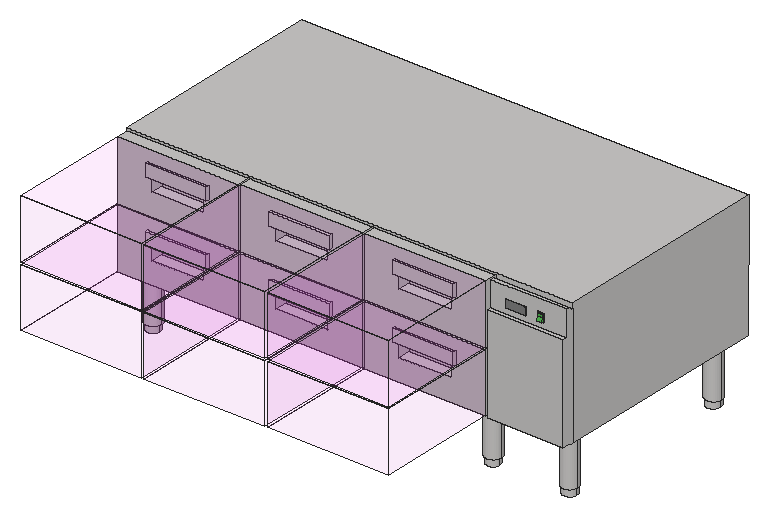
Revit family "QF_ZANUSSI_392600_Z9TTBECOMKN", category Specialty Equipment, Revit 2021 (continued)
Lines and regions (mm)
  Split face 139
    outline origin (882.897, -448, 142.29) x (0, 0, -1) y (1, 0, 0)
      loop
        arc (-85.025, -240.599) -> (-81.004, -236.61) -> (-85.004, -232.599) r 4
        line (-85.004, -232.599) -> (-117.004, -232.599)
        arc (-117.004, -232.599) -> (-121.004, -236.61) -> (-116.984, -240.599) r 4
        line (-116.984, -240.599) -> (-85.025, -240.599)
  Split face 140
    outline origin (894.896, -448, 142.29) x (0, 0, -1) y (1, 0, 0)
      loop
        arc (-85.025, -240.599) -> (-81.004, -236.61) -> (-85.004, -232.599) r 4
        line (-85.004, -232.599) -> (-117.004, -232.599)
        arc (-117.004, -232.599) -> (-121.004, -236.61) -> (-116.984, -240.599) r 4
        line (-116.984, -240.599) -> (-85.025, -240.599)
  Split face 141
    outline origin (906.896, -448, 142.29) x (0, 0, -1) y (1, 0, 0)
      loop
        arc (-85.025, -242.399) -> (-81.004, -238.41) -> (-85.004, -234.4) r 4
        line (-85.004, -234.4) -> (-117.004, -234.4)
        arc (-117.004, -234.4) -> (-121.004, -238.41) -> (-116.984, -242.399) r 4
        line (-116.984, -242.399) -> (-85.025, -242.399)
  Split face 142
    outline origin (918.896, -448, 142.29) x (0, 0, -1) y (1, 0, 0)
      loop
        arc (-85.025, -242.399) -> (-81.004, -238.41) -> (-85.004, -234.4) r 4
        line (-85.004, -234.4) -> (-117.004, -234.4)
        arc (-117.004, -234.4) -> (-121.004, -238.41) -> (-116.984, -242.399) r 4
        line (-116.984, -242.399) -> (-85.025, -242.399)
  Split face 143
    outline origin (930.896, -448, 142.29) x (0, 0, -1) y (1, 0, 0)
      loop
        arc (-85.025, -242.399) -> (-81.004, -238.41) -> (-85.004, -234.4) r 4
        line (-85.004, -234.4) -> (-117.004, -234.4)
        arc (-117.004, -234.4) -> (-121.004, -238.41) -> (-116.984, -242.399) r 4
        line (-116.984, -242.399) -> (-85.025, -242.399)
  Split face 144
    outline origin (942.896, -448, 142.29) x (0, 0, -1) y (1, 0, 0)
      loop
        arc (-85.025, -242.399) -> (-81.004, -238.41) -> (-85.004, -234.4) r 4
        line (-85.004, -234.4) -> (-117.004, -234.4)
        arc (-117.004, -234.4) -> (-121.004, -238.41) -> (-116.984, -242.399) r 4
        line (-116.984, -242.399) -> (-85.025, -242.399)
  Split face 145
    outline origin (954.896, -448, 142.29) x (0, 0, -1) y (1, 0, 0)
      loop
        arc (-85.025, -242.399) -> (-81.004, -238.41) -> (-85.004, -234.4) r 4
        line (-85.004, -234.4) -> (-117.004, -234.4)
        arc (-117.004, -234.4) -> (-121.004, -238.41) -> (-116.984, -242.399) r 4
        line (-116.984, -242.399) -> (-85.025, -242.399)
  Split face 146
    outline origin (966.896, -448, 142.29) x (0, 0, -1) y (1, 0, 0)
      loop
        arc (-85.025, -242.399) -> (-81.004, -238.41) -> (-85.004, -234.4) r 4
        line (-85.004, -234.4) -> (-117.004, -234.4)
        arc (-117.004, -234.4) -> (-121.004, -238.41) -> (-116.984, -242.399) r 4
        line (-116.984, -242.399) -> (-85.025, -242.399)
  Split face 147
    outline origin (978.896, -448, 142.29) x (0, 0, -1) y (1, 0, 0)
      loop
        arc (-85.025, -242.399) -> (-81.004, -238.41) -> (-85.004, -234.4) r 4
        line (-85.004, -234.4) -> (-117.004, -234.4)
        arc (-117.004, -234.4) -> (-121.004, -238.41) -> (-116.984, -242.399) r 4
        line (-116.984, -242.399) -> (-85.025, -242.399)
  Split face 148
    outline origin (990.896, -448, 142.29) x (0, 0, -1) y (1, 0, 0)
      loop
        arc (-85.025, -242.399) -> (-81.004, -238.41) -> (-85.004, -234.4) r 4
        line (-85.004, -234.4) -> (-117.004, -234.4)
        arc (-117.004, -234.4) -> (-121.004, -238.41) -> (-116.984, -242.399) r 4
        line (-116.984, -242.399) -> (-85.025, -242.399)
  Split face 149
    outline origin (1002.896, -448, 142.29) x (0, 0, -1) y (1, 0, 0)
      loop
        arc (-85.025, -242.399) -> (-81.004, -238.41) -> (-85.004, -234.4) r 4
        line (-85.004, -234.4) -> (-117.004, -234.4)
        arc (-117.004, -234.4) -> (-121.004, -238.41) -> (-116.984, -242.399) r 4
        line (-116.984, -242.399) -> (-85.025, -242.399)
  Split face 150
    outline origin (1014.896, -448, 142.29) x (0, 0, -1) y (1, 0, 0)
      loop
        arc (-85.025, -242.399) -> (-81.004, -238.41) -> (-85.004, -234.4) r 4
        line (-85.004, -234.4) -> (-117.004, -234.4)
        arc (-117.004, -234.4) -> (-121.004, -238.41) -> (-116.984, -242.399) r 4
        line (-116.984, -242.399) -> (-85.025, -242.399)
  Split face 151
    outline origin (787, -448, 142.29) x (0, 0, -1) y (1, 0, 0)
      loop
        arc (-85.025, -240.599) -> (-81.004, -236.61) -> (-85.004, -232.599) r 4
        line (-85.004, -232.599) -> (-117.004, -232.599)
        arc (-117.004, -232.599) -> (-121.004, -236.61) -> (-116.984, -240.599) r 4
        line (-116.984, -240.599) -> (-85.025, -240.599)
  symbolic lines, style "SpecialityEquipmentHiddenLines"
    curve 1: line (-799, 380, 0) -> (799, 380, 0)
    curve 2: line (-799, -448, 0) -> (-799, 380, 0)
    curve 3: line (799, -448, 0) -> (-799, -448, 0)
    curve 4: line (799, 380, 0) -> (799, -448, 0)
    curve 17: line (-799, -403, 0) -> (799, -403, 0)
  symbolic lines, style "QF_Door-Drawer Clearances"
    curve 5: line (-775, -448, 0) -> (-775, -573, 0)
    curve 6: line (-380.999, -573, 0) -> (-380.999, -448, 0)
    curve 7: line (-332.969, -448, 0) -> (-332.969, -573, 0)
    curve 8: line (61.031, -573, 0) -> (61.031, -448, 0)
    curve 9: line (-795, -573, 0) -> (-360.999, -573, 0)
    curve 10: line (-352.969, -573, 0) -> (81.031, -573, 0)
    curve 11: line (-795, -613, 0) -> (-360.999, -613, 0)
    curve 12: line (-352.969, -613, 0) -> (81.031, -613, 0)
    curve 13: line (-360.999, -613, 0) -> (-360.999, -573, 0)
    curve 14: line (-352.969, -573, 0) -> (-352.969, -613, 0)
    curve 15: line (-795, -573, 0) -> (-795, -613, 0)
    curve 16: line (81.031, -613, 0) -> (81.031, -573, 0)
    curve 18: line (108.961, -448, 0) -> (108.961, -573, 0)
    curve 19: line (502.961, -573, 0) -> (502.961, -448, 0)
    curve 20: line (88.961, -573, 0) -> (522.961, -573, 0)
    curve 21: line (88.961, -613, 0) -> (522.961, -613, 0)
    curve 22: line (88.961, -573, 0) -> (88.961, -613, 0)
    curve 23: line (522.961, -613, 0) -> (522.961, -573, 0)
    curve 24: line (-775, -613, 0) -> (-775, -738, 0)
    curve 25: line (-380.999, -738, 0) -> (-380.999, -613, 0)
    curve 26: line (-332.969, -613, 0) -> (-332.969, -738, 0)
    curve 27: line (61.031, -738, 0) -> (61.031, -613, 0)
    curve 28: line (-795, -738, 0) -> (-360.999, -738, 0)
    curve 29: line (-352.969, -738, 0) -> (81.031, -738, 0)
    curve 30: line (-795, -778, 0) -> (-360.999, -778, 0)
    curve 31: line (-352.969, -778, 0) -> (81.031, -778, 0)
    curve 32: line (-360.999, -778, 0) -> (-360.999, -738, 0)
    curve 33: line (-352.969, -738, 0) -> (-352.969, -778, 0)
    curve 34: line (-795, -738, 0) -> (-795, -778, 0)
    curve 35: line (81.031, -778, 0) -> (81.031, -738, 0)
    curve 36: line (108.961, -613, 0) -> (108.961, -738, 0)
    curve 37: line (502.961, -738, 0) -> (502.961, -613, 0)
    curve 38: line (88.961, -738, 0) -> (522.961, -738, 0)
    curve 39: line (88.961, -778, 0) -> (522.961, -778, 0)
    curve 40: line (88.961, -738, 0) -> (88.961, -778, 0)
    curve 41: line (522.961, -778, 0) -> (522.961, -738, 0)
Dimensions and locks
  plane 4 to level = 200 mm
  plane 5 "TOP" to level = 650 mm
  plane 5 "TOP" to plane 4 = 450 mm
  equal spacing: plane 8 "LEFT", plane 3 "Centro (Sinistra/Destra)", plane 9 "RIGHT"
  plane 8 "LEFT" to plane 9 "RIGHT" = 1600 mm
  equal spacing: plane 6 "BACK", plane 1 "Center X", plane 7 "FRONT"
  plane 6 "BACK" to plane 7 "FRONT" = 900 mm
  plane 6 "BACK" to plane 10 = 853 mm
  locked: plane 10 to plane 11 at 45
  locked: plane 8 "LEFT" to plane 12 at 55
  locked: plane 13 to plane 9 "RIGHT" at 55
  plane 12 to plane 14 = 1216 mm
  locked: plane 22 to plane 15 at 88
  locked: plane 16 to plane 11 at 98
  locked: plane 19 to plane 9 "RIGHT" at 1
  locked: plane 8 "LEFT" to plane 18 at 1
  plane 19 to plane 17 = 513 mm
  locked: plane 6 "BACK" to plane 20 at 160
  locked: plane 21 to plane 9 "RIGHT" at 40
  locked: plane 6 "BACK" to plane 22 at 70
  locked: plane 11 to plane 7 "FRONT" at 2
  plane 15 to plane 22 = 88 mm
  plane 11 to plane 16 = 98 mm
  plane 12 to plane 8 "LEFT" = 55 mm
  plane 14 to plane 12 = 1216 mm
  aligned and locked: level to plane 2
  aligned and locked: plane 12 to nested 1
  aligned and locked: nested 1 to plane 16
  aligned and locked: nested 2 to plane 15
  aligned and locked: plane 14 to nested 3
  aligned and locked: nested 4 to plane 14
  aligned and locked: plane 13 to nested 5
  aligned and locked: nested 6 to plane 13
  aligned and locked: Extrusion 1 sketch curve to plane 10
  aligned and locked: plane 4 to Extrusion 2
  aligned and locked: Extrusion 1 to plane 22
  aligned and locked: plane 15 to nested 6
  aligned and locked: plane 15 to nested 4
  aligned and locked: plane 16 to nested 5
  aligned and locked: plane 16 to nested 3
  aligned and locked: nested 2 to plane 12
Automatic sketch dimensions
  Extrusion 2 sketch curve to plane 20 = 30 mm
  Extrusion 2 sketch curve to plane 21 = 0 mm
  Extrusion 7 sketch curve to plane 3 "Centro (Sinistra/Destra)" = 360.999 mm
  Extrusion 7 sketch curve to Extrusion 7 sketch curve = 123.7 mm
  plane 12 to Extrusion 7 sketch curve = 73.7 mm
  plane 18 to Extrusion 7 sketch curve = 4 mm
  Extrusion 7 sketch curve to plane 5 "TOP" = 222.5 mm
  Extrusion 7 sketch curve to plane 5 "TOP" = 143.294 mm
  Extrusion 7 sketch curve to plane 5 "TOP" = 65 mm
  Extrusion 7 sketch curve to plane 5 "TOP" = 9.006 mm
  Extrusion 7 to Extrusion 8 sketch curve = 0 mm
  Extrusion 8 sketch curve to Extrusion 7 = 0 mm  (x3)
  Extrusion 9 sketch curve to Extrusion 7 = 15 mm  (x2)
  Extrusion 7 to Extrusion 9 sketch curve = 31.031 mm
  Extrusion 9 sketch curve to Extrusion 7 = 13.969 mm
  plane 3 "Centro (Sinistra/Destra)" to Extrusion 10 sketch curve = 81.031 mm
  Extrusion 10 sketch curve to plane 3 "Centro (Sinistra/Destra)" = 42.668 mm
  Extrusion 10 sketch curve to Extrusion 10 sketch curve = 186.601 mm
  Extrusion 10 sketch curve to Extrusion 10 sketch curve = 123.7 mm
  Extrusion 10 sketch curve to plane 5 "TOP" = 222.5 mm
  Extrusion 10 sketch curve to plane 5 "TOP" = 143.294 mm
  Extrusion 10 sketch curve to plane 5 "TOP" = 65 mm
  Extrusion 10 sketch curve to plane 5 "TOP" = 9.006 mm
  Extrusion 10 to Extrusion 11 sketch curve = 0 mm
  Extrusion 11 sketch curve to Extrusion 10 = 0 mm  (x3)
  Extrusion 12 sketch curve to Extrusion 10 = 15 mm  (x2)
  Extrusion 10 to Extrusion 12 sketch curve = 31.031 mm
  Extrusion 12 sketch curve to Extrusion 10 = 13.969 mm
  Extrusion 13 sketch curve to plane 5 "TOP" = 9.006 mm
  plane 14 to Extrusion 13 sketch curve = 52 mm
  Extrusion 13 sketch curve to plane 14 = 71.738 mm
  Extrusion 13 sketch curve to plane 17 = 73.339 mm
  plane 3 "Centro (Sinistra/Destra)" to Extrusion 13 sketch curve = 88.961 mm
  Extrusion 13 sketch curve to plane 5 "TOP" = 65 mm
  Extrusion 13 sketch curve to Extrusion 13 sketch curve = 78.294 mm
  Extrusion 13 sketch curve to Extrusion 13 sketch curve = 79.206 mm
  Extrusion 14 sketch curve to Extrusion 13 = 0 mm  (x4)
  Extrusion 15 sketch curve to Extrusion 13 = 15 mm  (x2)
  Extrusion 13 to Extrusion 15 sketch curve = 31.031 mm
  Extrusion 15 sketch curve to Extrusion 13 = 13.969 mm
  curve 17 to plane 10 = 0 mm
  curve 17 to plane 18 = 0 mm
  curve 5 to plane 11 = 0 mm
  curve 4 to plane 19 = 0 mm
  curve 2 to plane 22 = 0 mm
  plane 18 to curve 30 = 4 mm
  plane 18 to curve 15 = 4 mm
  curve 30 to plane 3 "Centro (Sinistra/Destra)" = 360.999 mm
  curve 13 to curve 28 = 0 mm
  curve 30 to curve 31 = 8.03 mm
  curve 9 to curve 14 = 8.03 mm
  plane 3 "Centro (Sinistra/Destra)" to curve 10 = 81.031 mm
  plane 3 "Centro (Sinistra/Destra)" to curve 35 = 81.031 mm
  curve 10 to curve 22 = 7.93 mm
  curve 29 to curve 40 = 7.93 mm
  plane 14 to curve 20 = 51.961 mm
  plane 14 to curve 41 = 51.961 mm
  curve 9 to plane 7 "FRONT" = 123 mm
  curve 9 to curve 10 = 0 mm
  curve 10 to curve 20 = 0 mm
  curve 13 to curve 9 = 40 mm
  curve 23 to curve 20 = 40 mm
  curve 11 to curve 12 = 0 mm
  curve 41 to curve 21 = 125 mm
  curve 29 to curve 38 = 0 mm
  curve 28 to curve 29 = 0 mm
  curve 30 to curve 28 = 40 mm
  curve 35 to curve 29 = 40 mm
  curve 31 to curve 39 = 0 mm
  curve 9 to curve 5 = 20 mm
  curve 28 to curve 24 = 20 mm
  curve 6 to curve 9 = 20 mm
  curve 25 to curve 11 = 20 mm
  curve 29 to curve 26 = 20 mm
  curve 6 to curve 7 = 48.03 mm
  plane 3 "Centro (Sinistra/Destra)" to curve 8 = 61.031 mm
  curve 27 to curve 12 = 20 mm
  curve 20 to curve 18 = 20 mm
  curve 40 to curve 36 = 20 mm
  curve 19 to curve 20 = 20 mm
  curve 37 to curve 38 = 20 mm
  Extrusion 1 sketch curve to plane 19 = 0 mm
  Extrusion 1 sketch curve to plane 18 = 0 mm
  plane 22 to Extrusion 1 sketch curve = 0 mm
  Extrusion 3 sketch curve to plane 11 = 0 mm
  Extrusion 3 sketch curve to plane 4 = 0 mm
  Extrusion 3 sketch curve to plane 10 = 0 mm
  plane 11 to Extrusion 3 sketch curve = 16.901 mm
  Extrusion 3 sketch curve to Extrusion 3 sketch curve = 11.336 mm
  plane 4 to Extrusion 3 sketch curve = 4.796 mm
  Extrusion 3 sketch curve to plane 10 = 15.163 mm
  Extrusion 3 sketch curve to plane 10 = 5.442 mm
  Extrusion 3 sketch curve to plane 5 "TOP" = 100.204 mm
  Extrusion 3 sketch curve to plane 5 "TOP" = 20.473 mm
  Extrusion 3 sketch curve to plane 5 "TOP" = 9.006 mm
  Extrusion 3 to Extrusion 4 sketch curve = 42.198 mm
  Extrusion 4 sketch curve to Extrusion 3 = 20 mm
  Extrusion 3 to Extrusion 4 sketch curve = 102.899 mm
  Extrusion 4 sketch curve to Extrusion 4 sketch curve = 22 mm
  Extrusion 3 to Extrusion 5 sketch curve = 42.198 mm
  Extrusion 5 sketch curve to Extrusion 3 = 20 mm
  Extrusion 3 to Extrusion 5 sketch curve = 54.901 mm
  Extrusion 5 sketch curve to Extrusion 5 sketch curve = 70 mm
  Split face 1 sketch curve to Extrusion 5 = 5 mm
  Split face 1 sketch curve to Extrusion 5 = 9 mm
  Split face 1 sketch curve to Extrusion 5 = 10 mm  (x2)
  Split face 2 sketch curve to Extrusion 5 = 12.5 mm
  Split face 2 sketch curve to Extrusion 5 = 7 mm
  Split face 3 sketch curve to Extrusion 5 = 7.5 mm
  Split face 3 sketch curve to Extrusion 5 = 7 mm
  Split face 4 sketch curve to Extrusion 5 = 11.5 mm
  Split face 4 sketch curve to Extrusion 5 = 7 mm
  Split face 5 sketch curve to Extrusion 5 = 7.5 mm
  Split face 5 sketch curve to Extrusion 5 = 7 mm
  Split face 6 sketch curve to Extrusion 5 = 12.5 mm
  Split face 6 sketch curve to Extrusion 5 = 7 mm
  Split face 7 sketch curve to Extrusion 5 = 11.5 mm
  Split face 7 sketch curve to Extrusion 5 = 7 mm
  Split face 8 sketch curve to Extrusion 5 = 7.047 mm
  Split face 8 sketch curve to Extrusion 5 = 2.047 mm
  Split face 8 sketch curve to Extrusion 5 = 10 mm
  Split face 8 sketch curve to Split face 8 sketch curve = 11 mm
  Split face 9 sketch curve to Extrusion 5 = 7.047 mm
  Split face 9 sketch curve to Extrusion 5 = 2.047 mm
  Split face 9 sketch curve to Extrusion 5 = 23 mm
  Split face 9 sketch curve to Split face 9 sketch curve = 11 mm
  Split face 10 sketch curve to Extrusion 5 = 7.047 mm
  Split face 10 sketch curve to Extrusion 5 = 2.047 mm
  Split face 10 sketch curve to Extrusion 5 = 34 mm
  Split face 10 sketch curve to Split face 10 sketch curve = 11 mm
  Split face 11 sketch curve to Extrusion 5 = 7.047 mm
  Split face 11 sketch curve to Extrusion 5 = 2.047 mm
  Split face 11 sketch curve to Extrusion 5 = 21 mm
  Split face 11 sketch curve to Extrusion 5 = 10 mm
  Extrusion 6 sketch curve to Extrusion 6 sketch curve = 0 mm  (x3)
  Extrusion 6 sketch curve to Extrusion 4 = 0 mm
  Extrusion 4 to Extrusion 6 sketch curve = 2.279 mm
  Extrusion 6 sketch curve to Extrusion 6 sketch curve = 0.116 mm
  Extrusion 6 sketch curve to Extrusion 6 sketch curve = 12.105 mm
  Extrusion 4 to Extrusion 6 sketch curve = 3.692 mm
  Extrusion 4 to Extrusion 6 sketch curve = 2.395 mm
  Split face 12 sketch curve to Extrusion 3 = 20.5 mm
  Split face 12 sketch curve to Split face 12 sketch curve = 0.02 mm  (x2)
  Split face 12 sketch curve to Split face 12 sketch curve = 31.959 mm
  Split face 12 sketch curve to Extrusion 3 = 30.401 mm
  Split face 12 sketch curve to Split face 12 sketch curve = 4 mm
  Split face 13 sketch curve to Extrusion 3 = 20.5 mm
  Split face 13 sketch curve to Split face 13 sketch curve = 0.02 mm  (x2)
  Split face 13 sketch curve to Split face 13 sketch curve = 31.959 mm
  Split face 13 sketch curve to Extrusion 3 = 42.4 mm
  Split face 13 sketch curve to Split face 13 sketch curve = 4 mm
  Split face 14 sketch curve to Extrusion 3 = 20.5 mm
  Split face 14 sketch curve to Split face 14 sketch curve = 0.02 mm  (x2)
  Split face 14 sketch curve to Split face 14 sketch curve = 31.959 mm
  Split face 14 sketch curve to Extrusion 3 = 54.4 mm
  Split face 14 sketch curve to Split face 14 sketch curve = 4 mm
  Split face 15 sketch curve to Extrusion 3 = 20.5 mm
  Split face 15 sketch curve to Split face 15 sketch curve = 0.02 mm  (x2)
  Split face 15 sketch curve to Split face 15 sketch curve = 31.959 mm
  Split face 15 sketch curve to Extrusion 3 = 66.297 mm
  Split face 15 sketch curve to Split face 15 sketch curve = 4 mm
  Split face 16 sketch curve to Extrusion 3 = 20.5 mm
  Split face 16 sketch curve to Split face 16 sketch curve = 0.02 mm  (x2)
  Split face 16 sketch curve to Split face 16 sketch curve = 31.959 mm
  Split face 16 sketch curve to Extrusion 3 = 78.297 mm
  Split face 16 sketch curve to Split face 16 sketch curve = 4 mm
  Split face 17 sketch curve to Extrusion 3 = 20.5 mm
  Split face 17 sketch curve to Split face 17 sketch curve = 0.02 mm  (x2)
  Split face 17 sketch curve to Split face 17 sketch curve = 31.959 mm
  Split face 17 sketch curve to Extrusion 3 = 90.297 mm
  Split face 17 sketch curve to Split face 17 sketch curve = 4 mm
  Split face 18 sketch curve to Extrusion 3 = 20.5 mm
  Split face 18 sketch curve to Split face 18 sketch curve = 0.02 mm  (x2)
  Split face 18 sketch curve to Split face 18 sketch curve = 31.959 mm
  Split face 18 sketch curve to Extrusion 3 = 102.297 mm
  Split face 18 sketch curve to Split face 18 sketch curve = 4 mm
  Split face 19 sketch curve to Extrusion 3 = 20.5 mm
  Split face 19 sketch curve to Split face 19 sketch curve = 0.02 mm  (x2)
  Split face 19 sketch curve to Split face 19 sketch curve = 31.959 mm
  Split face 19 sketch curve to Extrusion 3 = 114.297 mm
  Split face 19 sketch curve to Split face 19 sketch curve = 4 mm
  Split face 20 sketch curve to Extrusion 3 = 20.5 mm
  Split face 20 sketch curve to Split face 20 sketch curve = 0.02 mm  (x2)
  Split face 20 sketch curve to Split face 20 sketch curve = 31.959 mm
  Split face 20 sketch curve to Extrusion 3 = 126.297 mm
  Split face 20 sketch curve to Split face 20 sketch curve = 4 mm
  Split face 21 sketch curve to Extrusion 3 = 20.5 mm
  Split face 21 sketch curve to Split face 21 sketch curve = 0.02 mm  (x2)
  Split face 21 sketch curve to Split face 21 sketch curve = 31.959 mm
  Split face 21 sketch curve to Extrusion 3 = 134.503 mm
  Split face 21 sketch curve to Split face 21 sketch curve = 4 mm
  Split face 22 sketch curve to Extrusion 3 = 20.5 mm
  Split face 22 sketch curve to Split face 22 sketch curve = 0.02 mm  (x2)
  Split face 22 sketch curve to Split face 22 sketch curve = 31.959 mm
  Split face 22 sketch curve to Extrusion 3 = 122.504 mm
  Split face 22 sketch curve to Split face 22 sketch curve = 4 mm
  Split face 23 sketch curve to Extrusion 3 = 20.5 mm
  Split face 23 sketch curve to Split face 23 sketch curve = 0.02 mm  (x2)
  Split face 23 sketch curve to Split face 23 sketch curve = 31.959 mm
  Split face 23 sketch curve to Extrusion 3 = 110.503 mm
  Split face 23 sketch curve to Split face 23 sketch curve = 4 mm
  Split face 24 sketch curve to Extrusion 3 = 20.5 mm
  Split face 24 sketch curve to Split face 24 sketch curve = 0.02 mm  (x2)
  Split face 24 sketch curve to Split face 24 sketch curve = 31.959 mm
  Split face 24 sketch curve to Extrusion 3 = 98.503 mm
  Split face 24 sketch curve to Split face 24 sketch curve = 4 mm
  Split face 25 sketch curve to Extrusion 3 = 20.5 mm
  Split face 25 sketch curve to Split face 25 sketch curve = 0.02 mm  (x2)
  Split face 25 sketch curve to Split face 25 sketch curve = 31.959 mm
  Split face 25 sketch curve to Extrusion 3 = 86.503 mm
  Split face 25 sketch curve to Split face 25 sketch curve = 4 mm
  Split face 26 sketch curve to Extrusion 3 = 20.5 mm
  Split face 26 sketch curve to Split face 26 sketch curve = 0.02 mm  (x2)
  Split face 26 sketch curve to Split face 26 sketch curve = 31.959 mm
  Split face 26 sketch curve to Extrusion 3 = 74.504 mm
  Split face 26 sketch curve to Split face 26 sketch curve = 4 mm
  Split face 27 sketch curve to Extrusion 3 = 20.5 mm
  Split face 27 sketch curve to Split face 27 sketch curve = 0.02 mm  (x2)
  Split face 27 sketch curve to Split face 27 sketch curve = 31.959 mm
  Split face 27 sketch curve to Extrusion 3 = 62.503 mm
  Split face 27 sketch curve to Split face 27 sketch curve = 4 mm
  Split face 28 sketch curve to Extrusion 3 = 20.5 mm
  Split face 28 sketch curve to Split face 28 sketch curve = 0.02 mm  (x2)
  Split face 28 sketch curve to Split face 28 sketch curve = 31.959 mm
  Split face 28 sketch curve to Extrusion 3 = 50.504 mm
  Split face 28 sketch curve to Split face 28 sketch curve = 4 mm
  Split face 29 sketch curve to Extrusion 3 = 20.5 mm
  Split face 29 sketch curve to Split face 29 sketch curve = 0.02 mm  (x2)
  Split face 29 sketch curve to Split face 29 sketch curve = 31.959 mm
  Split face 29 sketch curve to Extrusion 3 = 38.504 mm
  Split face 29 sketch curve to Split face 29 sketch curve = 4 mm
  Split face 30 sketch curve to Extrusion 3 = 20.5 mm
  Split face 30 sketch curve to Split face 30 sketch curve = 0.02 mm  (x2)
  Split face 30 sketch curve to Split face 30 sketch curve = 31.959 mm
  Split face 30 sketch curve to Extrusion 3 = 26.504 mm
  Split face 30 sketch curve to Split face 30 sketch curve = 4 mm
  Split face 31 sketch curve to Extrusion 3 = 20.5 mm
  Split face 31 sketch curve to Split face 31 sketch curve = 0.02 mm  (x2)
  Split face 31 sketch curve to Split face 31 sketch curve = 31.959 mm
  Split face 31 sketch curve to Extrusion 3 = 18.401 mm
  Split face 31 sketch curve to Split face 31 sketch curve = 4 mm
  Split face 32 sketch curve to Extrusion 3 = 65.502 mm
  Split face 32 sketch curve to Split face 32 sketch curve = 0.02 mm  (x2)
  Split face 32 sketch curve to Split face 32 sketch curve = 31.959 mm
  Split face 32 sketch curve to Extrusion 3 = 30.401 mm
  Split face 32 sketch curve to Split face 32 sketch curve = 4 mm
  Split face 33 sketch curve to Extrusion 3 = 65.502 mm
  Split face 33 sketch curve to Split face 33 sketch curve = 0.02 mm  (x2)
  Split face 33 sketch curve to Split face 33 sketch curve = 31.959 mm
  Split face 33 sketch curve to Extrusion 3 = 42.4 mm
  Split face 33 sketch curve to Split face 33 sketch curve = 4 mm
  Split face 34 sketch curve to Extrusion 3 = 65.502 mm
  Split face 34 sketch curve to Split face 34 sketch curve = 0.02 mm  (x2)
  Split face 34 sketch curve to Split face 34 sketch curve = 31.959 mm
  Split face 34 sketch curve to Extrusion 3 = 54.4 mm
  Split face 34 sketch curve to Split face 34 sketch curve = 4 mm
  Split face 35 sketch curve to Extrusion 3 = 65.502 mm
  Split face 35 sketch curve to Split face 35 sketch curve = 0.02 mm  (x2)
  Split face 35 sketch curve to Split face 35 sketch curve = 31.959 mm
  Split face 35 sketch curve to Extrusion 3 = 66.297 mm
  Split face 35 sketch curve to Split face 35 sketch curve = 4 mm
  Split face 36 sketch curve to Extrusion 3 = 65.502 mm
  Split face 36 sketch curve to Split face 36 sketch curve = 0.02 mm  (x2)
  Split face 36 sketch curve to Split face 36 sketch curve = 31.959 mm
  Split face 36 sketch curve to Extrusion 3 = 78.297 mm
  Split face 36 sketch curve to Split face 36 sketch curve = 4 mm
  Split face 37 sketch curve to Extrusion 3 = 65.502 mm
  Split face 37 sketch curve to Split face 37 sketch curve = 0.02 mm  (x2)
  Split face 37 sketch curve to Split face 37 sketch curve = 31.959 mm
  Split face 37 sketch curve to Extrusion 3 = 90.297 mm
  Split face 37 sketch curve to Split face 37 sketch curve = 4 mm
  Split face 38 sketch curve to Extrusion 3 = 65.502 mm
  Split face 38 sketch curve to Split face 38 sketch curve = 0.02 mm  (x2)
  Split face 38 sketch curve to Split face 38 sketch curve = 31.959 mm
  Split face 38 sketch curve to Extrusion 3 = 102.297 mm
  Split face 38 sketch curve to Split face 38 sketch curve = 4 mm
  Split face 39 sketch curve to Extrusion 3 = 65.502 mm
  Split face 39 sketch curve to Split face 39 sketch curve = 0.02 mm  (x2)
  Split face 39 sketch curve to Split face 39 sketch curve = 31.959 mm
  Split face 39 sketch curve to Extrusion 3 = 114.297 mm
  Split face 39 sketch curve to Split face 39 sketch curve = 4 mm
  Split face 40 sketch curve to Extrusion 3 = 65.502 mm
  Split face 40 sketch curve to Split face 40 sketch curve = 0.02 mm  (x2)
  Split face 40 sketch curve to Split face 40 sketch curve = 31.959 mm
  Split face 40 sketch curve to Extrusion 3 = 126.297 mm
  Split face 40 sketch curve to Split face 40 sketch curve = 4 mm
  Split face 41 sketch curve to Extrusion 3 = 65.502 mm
  Split face 41 sketch curve to Split face 41 sketch curve = 0.02 mm  (x2)
  Split face 41 sketch curve to Split face 41 sketch curve = 31.959 mm
  Split face 41 sketch curve to Extrusion 3 = 134.503 mm
  Split face 41 sketch curve to Split face 41 sketch curve = 4 mm
  Split face 42 sketch curve to Extrusion 3 = 65.502 mm
  Split face 42 sketch curve to Split face 42 sketch curve = 0.02 mm  (x2)
  Split face 42 sketch curve to Split face 42 sketch curve = 31.959 mm
  Split face 42 sketch curve to Extrusion 3 = 122.504 mm
  Split face 42 sketch curve to Split face 42 sketch curve = 4 mm
  Split face 43 sketch curve to Extrusion 3 = 65.502 mm
  Split face 43 sketch curve to Split face 43 sketch curve = 0.02 mm  (x2)
  Split face 43 sketch curve to Split face 43 sketch curve = 31.959 mm
  Split face 43 sketch curve to Extrusion 3 = 110.503 mm
  Split face 43 sketch curve to Split face 43 sketch curve = 4 mm
  Split face 44 sketch curve to Extrusion 3 = 65.502 mm
  Split face 44 sketch curve to Split face 44 sketch curve = 0.02 mm  (x2)
  Split face 44 sketch curve to Split face 44 sketch curve = 31.959 mm
  Split face 44 sketch curve to Extrusion 3 = 98.503 mm
  Split face 44 sketch curve to Split face 44 sketch curve = 4 mm
  Split face 45 sketch curve to Extrusion 3 = 65.502 mm
  Split face 45 sketch curve to Split face 45 sketch curve = 0.02 mm  (x2)
  Split face 45 sketch curve to Split face 45 sketch curve = 31.959 mm
  Split face 45 sketch curve to Extrusion 3 = 86.503 mm
  Split face 45 sketch curve to Split face 45 sketch curve = 4 mm
  Split face 46 sketch curve to Extrusion 3 = 65.502 mm
  Split face 46 sketch curve to Split face 46 sketch curve = 0.02 mm  (x2)
  Split face 46 sketch curve to Split face 46 sketch curve = 31.959 mm
  Split face 46 sketch curve to Extrusion 3 = 74.504 mm
  Split face 46 sketch curve to Split face 46 sketch curve = 4 mm
  Split face 47 sketch curve to Extrusion 3 = 65.502 mm
  Split face 47 sketch curve to Split face 47 sketch curve = 0.02 mm  (x2)
  Split face 47 sketch curve to Split face 47 sketch curve = 31.959 mm
  Split face 47 sketch curve to Extrusion 3 = 62.503 mm
  Split face 47 sketch curve to Split face 47 sketch curve = 4 mm
  Split face 48 sketch curve to Extrusion 3 = 65.502 mm
  Split face 48 sketch curve to Split face 48 sketch curve = 0.02 mm  (x2)
  Split face 48 sketch curve to Split face 48 sketch curve = 31.959 mm
  Split face 48 sketch curve to Extrusion 3 = 50.504 mm
  Split face 48 sketch curve to Split face 48 sketch curve = 4 mm
  Split face 49 sketch curve to Extrusion 3 = 65.502 mm
  Split face 49 sketch curve to Split face 49 sketch curve = 0.02 mm  (x2)
  Split face 49 sketch curve to Split face 49 sketch curve = 31.959 mm
  Split face 49 sketch curve to Extrusion 3 = 38.504 mm
  Split face 49 sketch curve to Split face 49 sketch curve = 4 mm
  Split face 50 sketch curve to Extrusion 3 = 22.504 mm
  Split face 50 sketch curve to Extrusion 3 = 65.502 mm
  Split face 50 sketch curve to Split face 50 sketch curve = 0.02 mm  (x2)
  Split face 50 sketch curve to Split face 50 sketch curve = 31.959 mm
  Split face 50 sketch curve to Split face 50 sketch curve = 4 mm
  Split face 51 sketch curve to Extrusion 3 = 22.401 mm
  Split face 51 sketch curve to Extrusion 3 = 65.502 mm
  Split face 51 sketch curve to Split face 51 sketch curve = 0.02 mm  (x2)
  Split face 51 sketch curve to Split face 51 sketch curve = 31.959 mm
  Split face 51 sketch curve to Split face 51 sketch curve = 4 mm
  Split face 52 sketch curve to Extrusion 3 = 34.401 mm
  Split face 52 sketch curve to Extrusion 3 = 110.502 mm
  Split face 52 sketch curve to Split face 52 sketch curve = 0.02 mm  (x2)
  Split face 52 sketch curve to Split face 52 sketch curve = 31.959 mm
  Split face 52 sketch curve to Split face 52 sketch curve = 4 mm
  Split face 53 sketch curve to Extrusion 3 = 46.4 mm
  Split face 53 sketch curve to Extrusion 3 = 110.502 mm
  Split face 53 sketch curve to Split face 53 sketch curve = 0.02 mm  (x2)
  Split face 53 sketch curve to Split face 53 sketch curve = 31.959 mm
  Split face 53 sketch curve to Split face 53 sketch curve = 4 mm
  Split face 54 sketch curve to Extrusion 3 = 110.502 mm
  Split face 54 sketch curve to Split face 54 sketch curve = 0.02 mm  (x2)
  Split face 54 sketch curve to Split face 54 sketch curve = 31.959 mm
  Split face 54 sketch curve to Extrusion 3 = 54.4 mm
  Split face 54 sketch curve to Split face 54 sketch curve = 4 mm
  Split face 55 sketch curve to Extrusion 3 = 110.502 mm
  Split face 55 sketch curve to Split face 55 sketch curve = 0.02 mm  (x2)
  Split face 55 sketch curve to Split face 55 sketch curve = 31.959 mm
  Split face 55 sketch curve to Extrusion 3 = 66.297 mm
  Split face 55 sketch curve to Split face 55 sketch curve = 4 mm
  Split face 56 sketch curve to Extrusion 3 = 110.502 mm
  Split face 56 sketch curve to Split face 56 sketch curve = 0.02 mm  (x2)
  Split face 56 sketch curve to Split face 56 sketch curve = 31.959 mm
  Split face 56 sketch curve to Extrusion 3 = 78.297 mm
  Split face 56 sketch curve to Split face 56 sketch curve = 4 mm
  Split face 57 sketch curve to Extrusion 3 = 110.502 mm
  Split face 57 sketch curve to Split face 57 sketch curve = 0.02 mm  (x2)
  Split face 57 sketch curve to Split face 57 sketch curve = 31.959 mm
  Split face 57 sketch curve to Extrusion 3 = 90.297 mm
  Split face 57 sketch curve to Split face 57 sketch curve = 4 mm
  Split face 58 sketch curve to Extrusion 3 = 110.502 mm
  Split face 58 sketch curve to Split face 58 sketch curve = 0.02 mm  (x2)
  Split face 58 sketch curve to Split face 58 sketch curve = 31.959 mm
  Split face 58 sketch curve to Extrusion 3 = 102.297 mm
  Split face 58 sketch curve to Split face 58 sketch curve = 4 mm
  Split face 59 sketch curve to Extrusion 3 = 110.502 mm
  Split face 59 sketch curve to Split face 59 sketch curve = 0.02 mm  (x2)
  Split face 59 sketch curve to Split face 59 sketch curve = 31.959 mm
  Split face 59 sketch curve to Extrusion 3 = 114.297 mm
  Split face 59 sketch curve to Split face 59 sketch curve = 4 mm
  Split face 60 sketch curve to Extrusion 3 = 110.502 mm
  Split face 60 sketch curve to Split face 60 sketch curve = 0.02 mm  (x2)
  Split face 60 sketch curve to Split face 60 sketch curve = 31.959 mm
  Split face 60 sketch curve to Extrusion 3 = 126.297 mm
  Split face 60 sketch curve to Split face 60 sketch curve = 4 mm
  Split face 61 sketch curve to Extrusion 3 = 110.502 mm
  Split face 61 sketch curve to Split face 61 sketch curve = 0.02 mm  (x2)
  Split face 61 sketch curve to Split face 61 sketch curve = 31.959 mm
  Split face 61 sketch curve to Extrusion 3 = 134.503 mm
  Split face 61 sketch curve to Split face 61 sketch curve = 4 mm
  Split face 62 sketch curve to Extrusion 3 = 110.502 mm
  Split face 62 sketch curve to Split face 62 sketch curve = 0.02 mm  (x2)
  Split face 62 sketch curve to Split face 62 sketch curve = 31.959 mm
  Split face 62 sketch curve to Extrusion 3 = 122.504 mm
  Split face 62 sketch curve to Split face 62 sketch curve = 4 mm
  Split face 63 sketch curve to Extrusion 3 = 110.502 mm
  Split face 63 sketch curve to Split face 63 sketch curve = 0.02 mm  (x2)
  Split face 63 sketch curve to Split face 63 sketch curve = 31.959 mm
  Split face 63 sketch curve to Extrusion 3 = 110.503 mm
  Split face 63 sketch curve to Split face 63 sketch curve = 4 mm
  Split face 64 sketch curve to Extrusion 3 = 110.502 mm
  Split face 64 sketch curve to Split face 64 sketch curve = 0.02 mm  (x2)
  Split face 64 sketch curve to Split face 64 sketch curve = 31.959 mm
  Split face 64 sketch curve to Extrusion 3 = 98.503 mm
  Split face 64 sketch curve to Split face 64 sketch curve = 4 mm
  Split face 65 sketch curve to Extrusion 3 = 110.502 mm
  Split face 65 sketch curve to Split face 65 sketch curve = 0.02 mm  (x2)
  Split face 65 sketch curve to Split face 65 sketch curve = 31.959 mm
  Split face 65 sketch curve to Extrusion 3 = 86.503 mm
  Split face 65 sketch curve to Split face 65 sketch curve = 4 mm
  Split face 66 sketch curve to Extrusion 3 = 110.502 mm
  Split face 66 sketch curve to Split face 66 sketch curve = 0.02 mm  (x2)
  Split face 66 sketch curve to Split face 66 sketch curve = 31.959 mm
  Split face 66 sketch curve to Extrusion 3 = 74.504 mm
  Split face 66 sketch curve to Split face 66 sketch curve = 4 mm
  Split face 67 sketch curve to Extrusion 3 = 110.502 mm
  Split face 67 sketch curve to Split face 67 sketch curve = 0.02 mm  (x2)
  Split face 67 sketch curve to Split face 67 sketch curve = 31.959 mm
  Split face 67 sketch curve to Extrusion 3 = 62.503 mm
  Split face 67 sketch curve to Split face 67 sketch curve = 4 mm
  Split face 68 sketch curve to Extrusion 3 = 46.504 mm
  Split face 68 sketch curve to Extrusion 3 = 110.502 mm
  Split face 68 sketch curve to Split face 68 sketch curve = 0.02 mm  (x2)
  Split face 68 sketch curve to Split face 68 sketch curve = 31.959 mm
  Split face 68 sketch curve to Split face 68 sketch curve = 4 mm
  Split face 69 sketch curve to Extrusion 3 = 34.504 mm
  Split face 69 sketch curve to Extrusion 3 = 110.502 mm
  Split face 69 sketch curve to Split face 69 sketch curve = 0.02 mm  (x2)
  Split face 69 sketch curve to Split face 69 sketch curve = 31.959 mm
  Split face 69 sketch curve to Split face 69 sketch curve = 4 mm
  Split face 70 sketch curve to Extrusion 3 = 22.504 mm
  Split face 70 sketch curve to Extrusion 3 = 110.502 mm
  Split face 70 sketch curve to Split face 70 sketch curve = 0.02 mm  (x2)
  Split face 70 sketch curve to Split face 70 sketch curve = 31.959 mm
  Split face 70 sketch curve to Split face 70 sketch curve = 4 mm
  Split face 71 sketch curve to Extrusion 3 = 22.401 mm
  Split face 71 sketch curve to Extrusion 3 = 110.502 mm
  Split face 71 sketch curve to Split face 71 sketch curve = 0.02 mm  (x2)
  Split face 71 sketch curve to Split face 71 sketch curve = 31.959 mm
  Split face 71 sketch curve to Split face 71 sketch curve = 4 mm
  Split face 72 sketch curve to Extrusion 3 = 34.401 mm
  Split face 72 sketch curve to Extrusion 3 = 155.502 mm
  Split face 72 sketch curve to Split face 72 sketch curve = 0.02 mm  (x2)
  Split face 72 sketch curve to Split face 72 sketch curve = 31.959 mm
  Split face 72 sketch curve to Split face 72 sketch curve = 4 mm
  Split face 73 sketch curve to Extrusion 3 = 46.4 mm
  Split face 73 sketch curve to Extrusion 3 = 155.502 mm
  Split face 73 sketch curve to Split face 73 sketch curve = 0.02 mm  (x2)
  Split face 73 sketch curve to Split face 73 sketch curve = 31.959 mm
  Split face 73 sketch curve to Split face 73 sketch curve = 4 mm
  Split face 74 sketch curve to Extrusion 3 = 58.4 mm
  Split face 74 sketch curve to Extrusion 3 = 155.502 mm
  Split face 74 sketch curve to Split face 74 sketch curve = 0.02 mm  (x2)
  Split face 74 sketch curve to Split face 74 sketch curve = 31.959 mm
  Split face 74 sketch curve to Split face 74 sketch curve = 4 mm
  Split face 75 sketch curve to Extrusion 3 = 70.297 mm
  Split face 75 sketch curve to Extrusion 3 = 155.502 mm
  Split face 75 sketch curve to Split face 75 sketch curve = 0.02 mm  (x2)
  Split face 75 sketch curve to Split face 75 sketch curve = 31.959 mm
  Split face 75 sketch curve to Split face 75 sketch curve = 4 mm
  Split face 76 sketch curve to Extrusion 3 = 155.502 mm
  Split face 76 sketch curve to Split face 76 sketch curve = 0.02 mm  (x2)
  Split face 76 sketch curve to Split face 76 sketch curve = 31.959 mm
  Split face 76 sketch curve to Extrusion 3 = 78.297 mm
  Split face 76 sketch curve to Split face 76 sketch curve = 4 mm
  Split face 77 sketch curve to Extrusion 3 = 155.502 mm
  Split face 77 sketch curve to Split face 77 sketch curve = 0.02 mm  (x2)
  Split face 77 sketch curve to Split face 77 sketch curve = 31.959 mm
  Split face 77 sketch curve to Extrusion 3 = 90.297 mm
  Split face 77 sketch curve to Split face 77 sketch curve = 4 mm
  Split face 78 sketch curve to Extrusion 3 = 155.502 mm
  Split face 78 sketch curve to Split face 78 sketch curve = 0.02 mm  (x2)
  Split face 78 sketch curve to Split face 78 sketch curve = 31.959 mm
  Split face 78 sketch curve to Extrusion 3 = 102.297 mm
  Split face 78 sketch curve to Split face 78 sketch curve = 4 mm
  Split face 79 sketch curve to Extrusion 3 = 155.502 mm
  Split face 79 sketch curve to Split face 79 sketch curve = 0.02 mm  (x2)
  Split face 79 sketch curve to Split face 79 sketch curve = 31.959 mm
  Split face 79 sketch curve to Extrusion 3 = 114.297 mm
  Split face 79 sketch curve to Split face 79 sketch curve = 4 mm
  Split face 80 sketch curve to Extrusion 3 = 155.502 mm
  Split face 80 sketch curve to Split face 80 sketch curve = 0.02 mm  (x2)
  Split face 80 sketch curve to Split face 80 sketch curve = 31.959 mm
  Split face 80 sketch curve to Extrusion 3 = 126.297 mm
  Split face 80 sketch curve to Split face 80 sketch curve = 4 mm
  Split face 81 sketch curve to Extrusion 3 = 155.502 mm
  Split face 81 sketch curve to Split face 81 sketch curve = 0.02 mm  (x2)
  Split face 81 sketch curve to Split face 81 sketch curve = 31.959 mm
  Split face 81 sketch curve to Extrusion 3 = 134.503 mm
  Split face 81 sketch curve to Split face 81 sketch curve = 4 mm
  Split face 82 sketch curve to Extrusion 3 = 155.502 mm
  Split face 82 sketch curve to Split face 82 sketch curve = 0.02 mm  (x2)
  Split face 82 sketch curve to Split face 82 sketch curve = 31.959 mm
  Split face 82 sketch curve to Extrusion 3 = 122.504 mm
  Split face 82 sketch curve to Split face 82 sketch curve = 4 mm
  Split face 83 sketch curve to Extrusion 3 = 155.502 mm
  Split face 83 sketch curve to Split face 83 sketch curve = 0.02 mm  (x2)
  Split face 83 sketch curve to Split face 83 sketch curve = 31.959 mm
  Split face 83 sketch curve to Extrusion 3 = 110.503 mm
  Split face 83 sketch curve to Split face 83 sketch curve = 4 mm
  Split face 84 sketch curve to Extrusion 3 = 155.502 mm
  Split face 84 sketch curve to Split face 84 sketch curve = 0.02 mm  (x2)
  Split face 84 sketch curve to Split face 84 sketch curve = 31.959 mm
  Split face 84 sketch curve to Extrusion 3 = 98.503 mm
  Split face 84 sketch curve to Split face 84 sketch curve = 4 mm
  Split face 85 sketch curve to Extrusion 3 = 155.502 mm
  Split face 85 sketch curve to Split face 85 sketch curve = 0.02 mm  (x2)
  Split face 85 sketch curve to Split face 85 sketch curve = 31.959 mm
  Split face 85 sketch curve to Extrusion 3 = 86.503 mm
  Split face 85 sketch curve to Split face 85 sketch curve = 4 mm
  Split face 86 sketch curve to Extrusion 3 = 70.504 mm
  Split face 86 sketch curve to Extrusion 3 = 155.502 mm
  Split face 86 sketch curve to Split face 86 sketch curve = 0.02 mm  (x2)
  Split face 86 sketch curve to Split face 86 sketch curve = 31.959 mm
  Split face 86 sketch curve to Split face 86 sketch curve = 4 mm
  Split face 87 sketch curve to Extrusion 3 = 58.503 mm
  Split face 87 sketch curve to Extrusion 3 = 155.502 mm
  Split face 87 sketch curve to Split face 87 sketch curve = 0.02 mm  (x2)
  Split face 87 sketch curve to Split face 87 sketch curve = 31.959 mm
  Split face 87 sketch curve to Split face 87 sketch curve = 4 mm
  Split face 88 sketch curve to Extrusion 3 = 46.504 mm
  Split face 88 sketch curve to Extrusion 3 = 155.502 mm
  Split face 88 sketch curve to Split face 88 sketch curve = 0.02 mm  (x2)
  Split face 88 sketch curve to Split face 88 sketch curve = 31.959 mm
  Split face 88 sketch curve to Split face 88 sketch curve = 4 mm
  Split face 89 sketch curve to Extrusion 3 = 34.504 mm
  Split face 89 sketch curve to Extrusion 3 = 155.502 mm
  Split face 89 sketch curve to Split face 89 sketch curve = 0.02 mm  (x2)
  Split face 89 sketch curve to Split face 89 sketch curve = 31.959 mm
  Split face 89 sketch curve to Split face 89 sketch curve = 4 mm
  Split face 90 sketch curve to Extrusion 3 = 22.504 mm
  Split face 90 sketch curve to Extrusion 3 = 155.502 mm
  Split face 90 sketch curve to Split face 90 sketch curve = 0.02 mm  (x2)
  Split face 90 sketch curve to Split face 90 sketch curve = 31.959 mm
  Split face 90 sketch curve to Split face 90 sketch curve = 4 mm
  Split face 91 sketch curve to Extrusion 3 = 22.401 mm
  Split face 91 sketch curve to Extrusion 3 = 155.502 mm
  Split face 91 sketch curve to Split face 91 sketch curve = 0.02 mm  (x2)
  Split face 91 sketch curve to Split face 91 sketch curve = 31.959 mm
  Split face 91 sketch curve to Split face 91 sketch curve = 4 mm
  Split face 92 sketch curve to Extrusion 3 = 34.401 mm
  Split face 92 sketch curve to Extrusion 3 = 144.498 mm
  Split face 92 sketch curve to Split face 92 sketch curve = 0.02 mm  (x2)
  Split face 92 sketch curve to Split face 92 sketch curve = 31.959 mm
  Split face 92 sketch curve to Split face 92 sketch curve = 4 mm
  Split face 93 sketch curve to Extrusion 3 = 46.4 mm
  Split face 93 sketch curve to Extrusion 3 = 144.498 mm
  Split face 93 sketch curve to Split face 93 sketch curve = 0.02 mm  (x2)
  Split face 93 sketch curve to Split face 93 sketch curve = 31.959 mm
  Split face 93 sketch curve to Split face 93 sketch curve = 4 mm
  Split face 94 sketch curve to Extrusion 3 = 58.4 mm
  Split face 94 sketch curve to Extrusion 3 = 144.498 mm
  Split face 94 sketch curve to Split face 94 sketch curve = 0.02 mm  (x2)
  Split face 94 sketch curve to Split face 94 sketch curve = 31.959 mm
  Split face 94 sketch curve to Split face 94 sketch curve = 4 mm
  Split face 95 sketch curve to Extrusion 3 = 70.297 mm
  Split face 95 sketch curve to Extrusion 3 = 144.498 mm
  Split face 95 sketch curve to Split face 95 sketch curve = 0.02 mm  (x2)
  Split face 95 sketch curve to Split face 95 sketch curve = 31.959 mm
  Split face 95 sketch curve to Split face 95 sketch curve = 4 mm
  Split face 96 sketch curve to Extrusion 3 = 144.498 mm
  Split face 96 sketch curve to Split face 96 sketch curve = 0.02 mm  (x2)
  Split face 96 sketch curve to Split face 96 sketch curve = 31.959 mm
  Split face 96 sketch curve to Extrusion 3 = 78.297 mm
  Split face 96 sketch curve to Split face 96 sketch curve = 4 mm
  Split face 97 sketch curve to Extrusion 3 = 144.498 mm
  Split face 97 sketch curve to Split face 97 sketch curve = 0.02 mm  (x2)
  Split face 97 sketch curve to Split face 97 sketch curve = 31.959 mm
  Split face 97 sketch curve to Extrusion 3 = 90.297 mm
  Split face 97 sketch curve to Split face 97 sketch curve = 4 mm
  Split face 98 sketch curve to Extrusion 3 = 144.498 mm
  Split face 98 sketch curve to Split face 98 sketch curve = 0.02 mm  (x2)
  Split face 98 sketch curve to Split face 98 sketch curve = 31.959 mm
  Split face 98 sketch curve to Extrusion 3 = 102.297 mm
  Split face 98 sketch curve to Split face 98 sketch curve = 4 mm
  Split face 99 sketch curve to Extrusion 3 = 144.498 mm
  Split face 99 sketch curve to Split face 99 sketch curve = 0.02 mm  (x2)
  Split face 99 sketch curve to Split face 99 sketch curve = 31.959 mm
  Split face 99 sketch curve to Extrusion 3 = 114.297 mm
  Split face 99 sketch curve to Split face 99 sketch curve = 4 mm
  Split face 100 sketch curve to Extrusion 3 = 144.498 mm
  Split face 100 sketch curve to Split face 100 sketch curve = 0.02 mm  (x2)
  Split face 100 sketch curve to Split face 100 sketch curve = 31.959 mm
  Split face 100 sketch curve to Extrusion 3 = 126.297 mm
  Split face 100 sketch curve to Split face 100 sketch curve = 4 mm
  Split face 101 sketch curve to Extrusion 3 = 144.498 mm
  Split face 101 sketch curve to Split face 101 sketch curve = 0.02 mm  (x2)
  Split face 101 sketch curve to Split face 101 sketch curve = 31.959 mm
  Split face 101 sketch curve to Extrusion 3 = 134.503 mm
  Split face 101 sketch curve to Split face 101 sketch curve = 4 mm
  Split face 102 sketch curve to Extrusion 3 = 144.498 mm
  Split face 102 sketch curve to Split face 102 sketch curve = 0.02 mm  (x2)
  Split face 102 sketch curve to Split face 102 sketch curve = 31.959 mm
  Split face 102 sketch curve to Extrusion 3 = 122.504 mm
  Split face 102 sketch curve to Split face 102 sketch curve = 4 mm
  Split face 103 sketch curve to Extrusion 3 = 144.498 mm
  Split face 103 sketch curve to Split face 103 sketch curve = 0.02 mm  (x2)
  Split face 103 sketch curve to Split face 103 sketch curve = 31.959 mm
  Split face 103 sketch curve to Extrusion 3 = 110.503 mm
  Split face 103 sketch curve to Split face 103 sketch curve = 4 mm
  Split face 104 sketch curve to Extrusion 3 = 144.498 mm
  Split face 104 sketch curve to Split face 104 sketch curve = 0.02 mm  (x2)
  Split face 104 sketch curve to Split face 104 sketch curve = 31.959 mm
  Split face 104 sketch curve to Extrusion 3 = 98.503 mm
  Split face 104 sketch curve to Split face 104 sketch curve = 4 mm
  Split face 105 sketch curve to Extrusion 3 = 144.498 mm
  Split face 105 sketch curve to Split face 105 sketch curve = 0.02 mm  (x2)
  Split face 105 sketch curve to Split face 105 sketch curve = 31.959 mm
  Split face 105 sketch curve to Extrusion 3 = 86.503 mm
  Split face 105 sketch curve to Split face 105 sketch curve = 4 mm
  Split face 106 sketch curve to Extrusion 3 = 70.504 mm
  Split face 106 sketch curve to Extrusion 3 = 144.498 mm
  Split face 106 sketch curve to Split face 106 sketch curve = 0.02 mm  (x2)
  Split face 106 sketch curve to Split face 106 sketch curve = 31.959 mm
  Split face 106 sketch curve to Split face 106 sketch curve = 4 mm
  Split face 107 sketch curve to Extrusion 3 = 58.503 mm
  Split face 107 sketch curve to Extrusion 3 = 144.498 mm
  Split face 107 sketch curve to Split face 107 sketch curve = 0.02 mm  (x2)
  Split face 107 sketch curve to Split face 107 sketch curve = 31.959 mm
  Split face 107 sketch curve to Split face 107 sketch curve = 4 mm
  Split face 108 sketch curve to Extrusion 3 = 46.504 mm
  Split face 108 sketch curve to Extrusion 3 = 144.498 mm
  Split face 108 sketch curve to Split face 108 sketch curve = 0.02 mm  (x2)
  Split face 108 sketch curve to Split face 108 sketch curve = 31.959 mm
  Split face 108 sketch curve to Split face 108 sketch curve = 4 mm
  Split face 109 sketch curve to Extrusion 3 = 34.504 mm
  Split face 109 sketch curve to Extrusion 3 = 144.498 mm
  Split face 109 sketch curve to Split face 109 sketch curve = 0.02 mm  (x2)
  Split face 109 sketch curve to Split face 109 sketch curve = 31.959 mm
  Split face 109 sketch curve to Split face 109 sketch curve = 4 mm
  Split face 110 sketch curve to Extrusion 3 = 22.504 mm
  Split face 110 sketch curve to Extrusion 3 = 144.498 mm
  Split face 110 sketch curve to Split face 110 sketch curve = 0.02 mm  (x2)
  Split face 110 sketch curve to Split face 110 sketch curve = 31.959 mm
  Split face 110 sketch curve to Split face 110 sketch curve = 4 mm
  Split face 111 sketch curve to Extrusion 3 = 22.401 mm
  Split face 111 sketch curve to Extrusion 3 = 144.498 mm
  Split face 111 sketch curve to Split face 111 sketch curve = 0.02 mm  (x2)
  Split face 111 sketch curve to Split face 111 sketch curve = 31.959 mm
  Split face 111 sketch curve to Split face 111 sketch curve = 4 mm
  Split face 112 sketch curve to Extrusion 3 = 34.401 mm
  Split face 112 sketch curve to Extrusion 3 = 99.499 mm
  Split face 112 sketch curve to Split face 112 sketch curve = 0.02 mm  (x2)
  Split face 112 sketch curve to Split face 112 sketch curve = 31.959 mm
  Split face 112 sketch curve to Split face 112 sketch curve = 4 mm
  Split face 113 sketch curve to Extrusion 3 = 46.4 mm
  Split face 113 sketch curve to Extrusion 3 = 99.499 mm
  Split face 113 sketch curve to Split face 113 sketch curve = 0.02 mm  (x2)
  Split face 113 sketch curve to Split face 113 sketch curve = 31.959 mm
  Split face 113 sketch curve to Split face 113 sketch curve = 4 mm
  Split face 114 sketch curve to Extrusion 3 = 99.499 mm
  Split face 114 sketch curve to Split face 114 sketch curve = 0.02 mm  (x2)
  Split face 114 sketch curve to Split face 114 sketch curve = 31.959 mm
  Split face 114 sketch curve to Extrusion 3 = 54.4 mm
  Split face 114 sketch curve to Split face 114 sketch curve = 4 mm
  Split face 115 sketch curve to Extrusion 3 = 99.499 mm
  Split face 115 sketch curve to Split face 115 sketch curve = 0.02 mm  (x2)
  Split face 115 sketch curve to Split face 115 sketch curve = 31.959 mm
  Split face 115 sketch curve to Extrusion 3 = 66.297 mm
  Split face 115 sketch curve to Split face 115 sketch curve = 4 mm
  Split face 116 sketch curve to Extrusion 3 = 99.499 mm
  Split face 116 sketch curve to Split face 116 sketch curve = 0.02 mm  (x2)
  Split face 116 sketch curve to Split face 116 sketch curve = 31.959 mm
  Split face 116 sketch curve to Extrusion 3 = 78.297 mm
  Split face 116 sketch curve to Split face 116 sketch curve = 4 mm
  Split face 117 sketch curve to Extrusion 3 = 99.499 mm
  Split face 117 sketch curve to Split face 117 sketch curve = 0.02 mm  (x2)
  Split face 117 sketch curve to Split face 117 sketch curve = 31.959 mm
  Split face 117 sketch curve to Extrusion 3 = 90.297 mm
  Split face 117 sketch curve to Split face 117 sketch curve = 4 mm
  Split face 118 sketch curve to Extrusion 3 = 99.499 mm
  Split face 118 sketch curve to Split face 118 sketch curve = 0.02 mm  (x2)
  Split face 118 sketch curve to Split face 118 sketch curve = 31.959 mm
  Split face 118 sketch curve to Extrusion 3 = 102.297 mm
  Split face 118 sketch curve to Split face 118 sketch curve = 4 mm
  Split face 119 sketch curve to Extrusion 3 = 99.499 mm
  Split face 119 sketch curve to Split face 119 sketch curve = 0.02 mm  (x2)
  Split face 119 sketch curve to Split face 119 sketch curve = 31.959 mm
  Split face 119 sketch curve to Extrusion 3 = 114.297 mm
  Split face 119 sketch curve to Split face 119 sketch curve = 4 mm
  Split face 120 sketch curve to Extrusion 3 = 99.499 mm
  Split face 120 sketch curve to Split face 120 sketch curve = 0.02 mm  (x2)
  Split face 120 sketch curve to Split face 120 sketch curve = 31.959 mm
  Split face 120 sketch curve to Extrusion 3 = 126.297 mm
  Split face 120 sketch curve to Split face 120 sketch curve = 4 mm
  Split face 121 sketch curve to Extrusion 3 = 99.499 mm
  Split face 121 sketch curve to Split face 121 sketch curve = 0.02 mm  (x2)
  Split face 121 sketch curve to Split face 121 sketch curve = 31.959 mm
  Split face 121 sketch curve to Extrusion 3 = 134.503 mm
  Split face 121 sketch curve to Split face 121 sketch curve = 4 mm
  Split face 122 sketch curve to Extrusion 3 = 99.499 mm
  Split face 122 sketch curve to Split face 122 sketch curve = 0.02 mm  (x2)
  Split face 122 sketch curve to Split face 122 sketch curve = 31.959 mm
  Split face 122 sketch curve to Extrusion 3 = 122.504 mm
  Split face 122 sketch curve to Split face 122 sketch curve = 4 mm
  Split face 123 sketch curve to Extrusion 3 = 99.499 mm
  Split face 123 sketch curve to Split face 123 sketch curve = 0.02 mm  (x2)
  Split face 123 sketch curve to Split face 123 sketch curve = 31.959 mm
  Split face 123 sketch curve to Extrusion 3 = 110.503 mm
  Split face 123 sketch curve to Split face 123 sketch curve = 4 mm
  Split face 124 sketch curve to Extrusion 3 = 99.499 mm
  Split face 124 sketch curve to Split face 124 sketch curve = 0.02 mm  (x2)
  Split face 124 sketch curve to Split face 124 sketch curve = 31.959 mm
  Split face 124 sketch curve to Extrusion 3 = 98.503 mm
  Split face 124 sketch curve to Split face 124 sketch curve = 4 mm
  Split face 125 sketch curve to Extrusion 3 = 99.499 mm
  Split face 125 sketch curve to Split face 125 sketch curve = 0.02 mm  (x2)
  Split face 125 sketch curve to Split face 125 sketch curve = 31.959 mm
  Split face 125 sketch curve to Extrusion 3 = 86.503 mm
  Split face 125 sketch curve to Split face 125 sketch curve = 4 mm
  Split face 126 sketch curve to Extrusion 3 = 99.499 mm
  Split face 126 sketch curve to Split face 126 sketch curve = 0.02 mm  (x2)
  Split face 126 sketch curve to Split face 126 sketch curve = 31.959 mm
  Split face 126 sketch curve to Extrusion 3 = 74.504 mm
  Split face 126 sketch curve to Split face 126 sketch curve = 4 mm
  Split face 127 sketch curve to Extrusion 3 = 99.499 mm
  Split face 127 sketch curve to Split face 127 sketch curve = 0.02 mm  (x2)
  Split face 127 sketch curve to Split face 127 sketch curve = 31.959 mm
  Split face 127 sketch curve to Extrusion 3 = 62.503 mm
  Split face 127 sketch curve to Split face 127 sketch curve = 4 mm
  Split face 128 sketch curve to Extrusion 3 = 46.504 mm
  Split face 128 sketch curve to Extrusion 3 = 99.499 mm
  Split face 128 sketch curve to Split face 128 sketch curve = 0.02 mm  (x2)
  Split face 128 sketch curve to Split face 128 sketch curve = 31.959 mm
  Split face 128 sketch curve to Split face 128 sketch curve = 4 mm
  Split face 129 sketch curve to Extrusion 3 = 34.504 mm
  Split face 129 sketch curve to Extrusion 3 = 99.499 mm
  Split face 129 sketch curve to Split face 129 sketch curve = 0.02 mm  (x2)
  Split face 129 sketch curve to Split face 129 sketch curve = 31.959 mm
  Split face 129 sketch curve to Split face 129 sketch curve = 4 mm
  Split face 130 sketch curve to Extrusion 3 = 22.504 mm
  Split face 130 sketch curve to Extrusion 3 = 99.499 mm
  Split face 130 sketch curve to Split face 130 sketch curve = 0.02 mm  (x2)
  Split face 130 sketch curve to Split face 130 sketch curve = 31.959 mm
  Split face 130 sketch curve to Split face 130 sketch curve = 4 mm
  Split face 131 sketch curve to Extrusion 3 = 22.401 mm
  Split face 131 sketch curve to Extrusion 3 = 99.499 mm
  Split face 131 sketch curve to Split face 131 sketch curve = 0.02 mm  (x2)
  Split face 131 sketch curve to Split face 131 sketch curve = 31.959 mm
  Split face 131 sketch curve to Split face 131 sketch curve = 4 mm
  Split face 132 sketch curve to Extrusion 3 = 54.499 mm
  Split face 132 sketch curve to Split face 132 sketch curve = 0.02 mm  (x2)
  Split face 132 sketch curve to Extrusion 3 = 22.519 mm
  Split face 132 sketch curve to Extrusion 3 = 30.401 mm
  Split face 132 sketch curve to Split face 132 sketch curve = 4 mm
  Split face 133 sketch curve to Extrusion 3 = 54.499 mm
  Split face 133 sketch curve to Split face 133 sketch curve = 0.02 mm  (x2)
  Split face 133 sketch curve to Extrusion 3 = 22.519 mm
  Split face 133 sketch curve to Extrusion 3 = 42.4 mm
  Split face 133 sketch curve to Split face 133 sketch curve = 4 mm
  Split face 134 sketch curve to Extrusion 3 = 54.499 mm
  Split face 134 sketch curve to Split face 134 sketch curve = 0.02 mm  (x2)
  Split face 134 sketch curve to Extrusion 3 = 22.519 mm
  Split face 134 sketch curve to Extrusion 3 = 54.4 mm
  Split face 134 sketch curve to Split face 134 sketch curve = 4 mm
  Split face 135 sketch curve to Extrusion 3 = 54.499 mm
  Split face 135 sketch curve to Split face 135 sketch curve = 0.02 mm  (x2)
  Split face 135 sketch curve to Extrusion 3 = 22.519 mm
  Split face 135 sketch curve to Extrusion 3 = 66.297 mm
  Split face 135 sketch curve to Split face 135 sketch curve = 4 mm
  Split face 136 sketch curve to Extrusion 3 = 54.499 mm
  Split face 136 sketch curve to Split face 136 sketch curve = 0.02 mm  (x2)
  Split face 136 sketch curve to Extrusion 3 = 22.519 mm
  Split face 136 sketch curve to Extrusion 3 = 78.297 mm
  Split face 136 sketch curve to Split face 136 sketch curve = 4 mm
  Split face 137 sketch curve to Extrusion 3 = 54.499 mm
  Split face 137 sketch curve to Split face 137 sketch curve = 0.02 mm  (x2)
  Split face 137 sketch curve to Extrusion 3 = 22.519 mm
  Split face 137 sketch curve to Extrusion 3 = 90.297 mm
  Split face 137 sketch curve to Split face 137 sketch curve = 4 mm
  Split face 138 sketch curve to Extrusion 3 = 54.499 mm
  Split face 138 sketch curve to Split face 138 sketch curve = 0.02 mm  (x2)
  Split face 138 sketch curve to Extrusion 3 = 22.519 mm
  Split face 138 sketch curve to Extrusion 3 = 102.297 mm
  Split face 138 sketch curve to Split face 138 sketch curve = 4 mm
  Split face 139 sketch curve to Extrusion 3 = 54.499 mm
  Split face 139 sketch curve to Split face 139 sketch curve = 0.02 mm  (x2)
  Split face 139 sketch curve to Extrusion 3 = 22.519 mm
  Split face 139 sketch curve to Extrusion 3 = 114.297 mm
  Split face 139 sketch curve to Split face 139 sketch curve = 4 mm
  Split face 140 sketch curve to Extrusion 3 = 54.499 mm
  Split face 140 sketch curve to Split face 140 sketch curve = 0.02 mm  (x2)
  Split face 140 sketch curve to Extrusion 3 = 22.519 mm
  Split face 140 sketch curve to Extrusion 3 = 126.297 mm
  Split face 140 sketch curve to Split face 140 sketch curve = 4 mm
  Split face 141 sketch curve to Extrusion 3 = 54.499 mm
  Split face 141 sketch curve to Split face 141 sketch curve = 0.02 mm  (x2)
  Split face 141 sketch curve to Extrusion 3 = 22.519 mm
  Split face 141 sketch curve to Extrusion 3 = 134.503 mm
  Split face 141 sketch curve to Split face 141 sketch curve = 4 mm
  Split face 142 sketch curve to Extrusion 3 = 54.499 mm
  Split face 142 sketch curve to Split face 142 sketch curve = 0.02 mm  (x2)
  Split face 142 sketch curve to Extrusion 3 = 22.519 mm
  Split face 142 sketch curve to Extrusion 3 = 122.504 mm
  Split face 142 sketch curve to Split face 142 sketch curve = 4 mm
  Split face 143 sketch curve to Extrusion 3 = 54.499 mm
  Split face 143 sketch curve to Split face 143 sketch curve = 0.02 mm  (x2)
  Split face 143 sketch curve to Extrusion 3 = 22.519 mm
  Split face 143 sketch curve to Extrusion 3 = 110.503 mm
  Split face 143 sketch curve to Split face 143 sketch curve = 4 mm
  Split face 144 sketch curve to Extrusion 3 = 54.499 mm
  Split face 144 sketch curve to Split face 144 sketch curve = 0.02 mm  (x2)
  Split face 144 sketch curve to Extrusion 3 = 22.519 mm
  Split face 144 sketch curve to Extrusion 3 = 98.503 mm
  Split face 144 sketch curve to Split face 144 sketch curve = 4 mm
  Split face 145 sketch curve to Extrusion 3 = 54.499 mm
